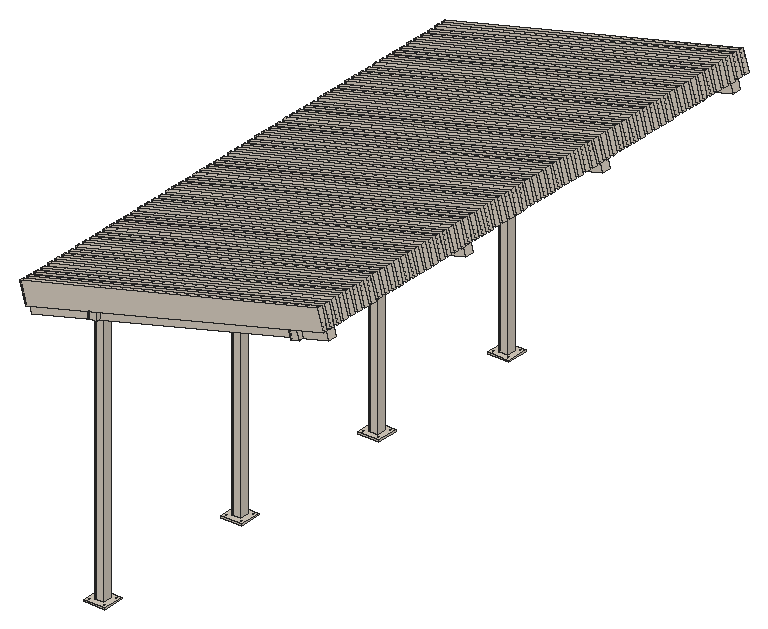
Revit family "Sun-Shades_ATEN_PalmSHIELD", category Generic Models, Revit 2021 (continued)
Definition of nested family "Family1"
  Nested families (in)
    nested 40: "Family2" at (-22.1236, 0, 0) x (-1, 0, 0) z (0, 0, 1), type "Up"
    nested 41: "Family2" at (-18.10112, 0, 0) x (-1, 0, 0) z (0, 0, 1), type "Up"
    nested 42: "Family2" at (-14.07865, 0, 0) x (-1, 0, 0) z (0, 0, 1), type "Up"
    nested 43: "Family2" at (-10.05618, 0, 0) x (-1, 0, 0) z (0, 0, 1), type "Up"
    nested 44: "Family2" at (-6.03371, 0, 0) x (-1, 0, 0) z (0, 0, 1), type "Up"
    nested 45: "Family2" at (-2.01124, 0, 0) x (-1, 0, 0) z (0, 0, 1), type "Up"
    nested 46: "Family2" at (2.01124, 0, 0) x (-1, 0, 0) z (0, 0, 1), type "Up"
    nested 47: "Family2" at (6.03371, 0, 0) x (-1, 0, 0) z (0, 0, 1), type "Up"
    nested 48: "Family2" at (10.05618, 0, 0) x (-1, 0, 0) z (0, 0, 1), type "Up"
    nested 49: "Family2" at (14.07865, 0, 0) x (-1, 0, 0) z (0, 0, 1), type "Up"
    nested 50: "Family2" at (18.10112, 0, 0) x (-1, 0, 0) z (0, 0, 1), type "Up"
    nested 51: "Family2" at (22.1236, 0, 0) x (-1, 0, 0) z (0, 0, 1), type "Up"
    nested 52: "Family2" at (26.14607, 0, 0) x (-1, 0, 0) z (0, 0, 1), type "Up"
    nested 53: "Family2" at (30.16854, 0, 0) x (-1, 0, 0) z (0, 0, 1), type "Up"
    nested 54: "Family2" at (34.19101, 0, 0) x (-1, 0, 0) z (0, 0, 1), type "Up"
    nested 55: "Family2" at (38.21348, 0, 0) x (-1, 0, 0) z (0, 0, 1), type "Up"
    nested 56: "Family2" at (42.23596, 0, 0) x (-1, 0, 0) z (0, 0, 1), type "Up"
    nested 57: "Family2" at (46.25843, 0, 0) x (-1, 0, 0) z (0, 0, 1), type "Up"
    nested 58: "Family2" at (50.2809, 0, 0) x (-1, 0, 0) z (0, 0, 1), type "Up"
    nested 59: "Family2" at (54.30337, 0, 0) x (-1, 0, 0) z (0, 0, 1), type "Up"
    nested 60: "Family2" at (58.32584, 0, 0) x (-1, 0, 0) z (0, 0, 1), type "Up"
    nested 61: "Family2" at (62.34831, 0, 0) x (-1, 0, 0) z (0, 0, 1), type "Up"
    nested 62: "Family2" at (66.37079, 0, 0) x (-1, 0, 0) z (0, 0, 1), type "Up"
    nested 63: "Family2" at (70.39326, 0, 0) x (-1, 0, 0) z (0, 0, 1), type "Up"
    nested 64: "Family2" at (74.41573, 0, 0) x (-1, 0, 0) z (0, 0, 1), type "Up"
    nested 65: "Family2" at (78.4382, 0, 0) x (-1, 0, 0) z (0, 0, 1), type "Up"
    nested 66: "Family2" at (82.46067, 0, 0) x (-1, 0, 0) z (0, 0, 1), type "Up"
    nested 67: "Family2" at (86.48315, 0, 0) x (-1, 0, 0) z (0, 0, 1), type "Up"
    nested 68: "Family2" at (90.50562, 0, 0) x (-1, 0, 0) z (0, 0, 1), type "Up"
    nested 69: "Family2" at (94.52809, 0, 0) x (-1, 0, 0) z (0, 0, 1), type "Up"
    nested 70: "Family2" at (98.55056, 0, 0) x (-1, 0, 0) z (0, 0, 1), type "Up"
    nested 71: "Family2" at (102.57303, 0, 0) x (-1, 0, 0) z (0, 0, 1), type "Up"
    nested 72: "Family2" at (106.59551, 0, 0) x (-1, 0, 0) z (0, 0, 1), type "Up"
    nested 73: "Family2" at (110.61798, 0, 0) x (-1, 0, 0) z (0, 0, 1), type "Up"
    nested 74: "Family2" at (114.64045, 0, 0) x (-1, 0, 0) z (0, 0, 1), type "Up"
    nested 75: "Family2" at (118.66292, 0, 0) x (-1, 0, 0) z (0, 0, 1), type "Up"
    nested 76: "Family2" at (122.68539, 0, 0) x (-1, 0, 0) z (0, 0, 1), type "Up"
    nested 77: "Family2" at (126.70787, 0, 0) x (-1, 0, 0) z (0, 0, 1), type "Up"
    nested 78: "Family2" at (130.73034, 0, 0) x (-1, 0, 0) z (0, 0, 1), type "Up"
    nested 79: "Family2" at (134.75281, 0, 0) x (-1, 0, 0) z (0, 0, 1), type "Up"
    nested 80: "Family2" at (138.77528, 0, 0) x (-1, 0, 0) z (0, 0, 1), type "Up"
    nested 81: "Family2" at (142.79775, 0, 0) x (-1, 0, 0) z (0, 0, 1), type "Up"
    nested 82: "Family2" at (146.82022, 0, 0) x (-1, 0, 0) z (0, 0, 1), type "Up"
    nested 83: "Family2" at (150.8427, 0, 0) x (-1, 0, 0) z (0, 0, 1), type "Up"
    nested 84: "Family2" at (154.86517, 0, 0) x (-1, 0, 0) z (0, 0, 1), type "Up"
    nested 85: "Family2" at (158.88764, 0, 0) x (-1, 0, 0) z (0, 0, 1), type "Up"
    nested 86: "Family2" at (162.91011, 0, 0) x (-1, 0, 0) z (0, 0, 1), type "Up"
    nested 87: "Family2" at (166.93258, 0, 0) x (-1, 0, 0) z (0, 0, 1), type "Up"
    nested 88: "Family2" at (170.95506, 0, 0) x (-1, 0, 0) z (0, 0, 1), type "Up"
    nested 89: "Family2" at (174.97753, 0, 0) x (-1, 0, 0) z (0, 0, 1), type "Up"
    nested 90: "Family2" at (179, 0, 0) x (-1, 0, 0) z (0, 0, 1), type "Up"
  Definition of nested family "Family2"
    Parameters (values of type "Up")
      Up = no
      Purlin Length = 10' - 0"
      Purlin Height = 0' - 2"
      Parlin Width = 0' - 2"
      Material = none
      Down = yes
      Default Elevation = 0' - 0"
    Reference planes (in)
      plane 1 "Center (Front/Back)": y = 0
      plane 2: z = 0
      plane 3 "Center (Left/Right)": x = 0
      plane 4: z = 2
      plane 5: x = -1
      plane 6: x = 1
      plane 7: z = -2
      plane 8: z = 1.875
      plane 9: z = -1.875
      plane 10: x = 0.875
      plane 11: x = -0.875
      plane 12: z = 0.125
      plane 13: z = -0.125
      plane 14: y = 120
      plane 15: y = 60
      plane 16: y = 0.125
      plane 17: y = 119.875
    Forms (in)
      Extrusion 1, solid, material <- "Material", visible <- "Up"
        sketch origin (0, 0, 0) x (1, 0, 0) y (0, 0, 1)
          loop
            line (1, 2) -> (-1, 2) -> (-1, 0) -> (1, 0) -> (1, 2)
          loop
            line (-0.875, 1.875) -> (-0.875, 0.125) -> (0.875, 0.125) -> (0.875, 1.875) -> (-0.875, 1.875)
        from -120 to 0
      Extrusion 2, solid, material <- "Material", visible <- "Down"
        sketch origin (0, 0, 0) x (1, 0, 0) y (0, 0, 1)
          loop
            line (-1, 0) -> (-1, -2) -> (1, -2) -> (1, 0) -> (-1, 0)
          loop
            line (0.875, -1.875) -> (0.875, -0.125) -> (-0.875, -0.125) -> (-0.875, -1.875) -> (0.875, -1.875)
        from 0 to -120
      Extrusion 3, solid, material <- "Material", visible <- "Up"
        sketch origin (0, 0, 0) x (1, 0, 0) y (0, 0, 1)
          loop
            line (-1, 2) -> (-1, 0) -> (1, 0) -> (1, 2) -> (-1, 2)
        from -0.125 to 0
      Extrusion 4, solid, material <- "Material", visible <- "Up"
        sketch origin (0, 0, 0) x (1, 0, 0) y (0, 0, 1)
          loop
            line (-1, 2) -> (-1, 0) -> (1, 0) -> (1, 2) -> (-1, 2)
        from -119.875 to -120
      Extrusion 5, solid, material <- "Material", visible <- "Down"
        sketch origin (0, 0, 0) x (1, 0, 0) y (0, 0, 1)
          loop
            line (-1, 0) -> (-1, -2) -> (1, -2) -> (1, 0) -> (-1, 0)
        from -0.125 to 0
      Extrusion 6, solid, material <- "Material", visible <- "Down"
        sketch origin (0, 0, 0) x (1, 0, 0) y (0, 0, 1)
          loop
            line (-1, 0) -> (-1, -2) -> (1, -2) -> (1, 0) -> (-1, 0)
        from -120 to -119.875
    Cuts and joins
      joined: Extrusion 1, Extrusion 3, Extrusion 4
      joined: Extrusion 2, Extrusion 5, Extrusion 6
    Dimensions and locks (in)
      "Purlin Height": plane 4 to level
      equal spacing: plane 6, plane 3 "Center (Left/Right)", plane 5
      "Parlin Width": plane 5 to plane 6
      "Purlin Height": plane 2 to plane 7
      locked: plane 4 to plane 8 at 0.125
      locked: plane 9 to plane 7 at 0.125
      locked: plane 11 to plane 5 at 0.125
      locked: plane 10 to plane 6 at 0.125
      locked: plane 12 to plane 2 at 0.125
      locked: plane 13 to plane 2 at 0.125
      "Purlin Length": plane 14 to plane 1 "Center (Front/Back)"
      equal spacing: plane 14, plane 15, plane 1 "Center (Front/Back)"
      locked: plane 1 "Center (Front/Back)" to plane 16 at 0.125
      locked: plane 17 to plane 14 at 0.125
      aligned and locked: plane 2 to level
      aligned and locked: Extrusion 1 sketch curve to plane 4
      aligned and locked: Extrusion 1 sketch curve to plane 5
      aligned and locked: plane 6 to Extrusion 1 sketch curve
      aligned and locked: Extrusion 1 sketch curve to level
      aligned and locked: Extrusion 1 sketch curve to plane 11
      aligned and locked: Extrusion 1 sketch curve to plane 8
      aligned and locked: plane 10 to Extrusion 1 sketch curve
      aligned and locked: Extrusion 1 sketch curve to plane 12
      aligned and locked: plane 1 "Center (Front/Back)" to Extrusion 1
      aligned and locked: plane 14 to Extrusion 1
      aligned and locked: Extrusion 2 sketch curve to level
      aligned and locked: Extrusion 2 sketch curve to plane 5
      aligned and locked: plane 6 to Extrusion 2 sketch curve
      aligned and locked: plane 7 to Extrusion 2 sketch curve
      aligned and locked: plane 9 to Extrusion 2 sketch curve
      aligned and locked: plane 10 to Extrusion 2 sketch curve
      aligned and locked: Extrusion 2 sketch curve to plane 11
      aligned and locked: plane 13 to Extrusion 2 sketch curve
      aligned and locked: plane 14 to Extrusion 2
      aligned and locked: plane 1 "Center (Front/Back)" to Extrusion 2
      aligned and locked: Extrusion 1 to plane 1 "Center (Front/Back)"  (x2)
      aligned and locked: Extrusion 1 to plane 14
      aligned and locked: Extrusion 3 sketch curve to Extrusion 1  (x4)
      aligned and locked: plane 1 "Center (Front/Back)" to Extrusion 3
      aligned and locked: plane 16 to Extrusion 3
      aligned and locked: Extrusion 4 sketch curve to Extrusion 1  (x4)
      aligned and locked: plane 14 to Extrusion 4
      aligned and locked: Extrusion 4 to plane 17
      aligned and locked: Extrusion 5 sketch curve to Extrusion 1  (x2)
      aligned and locked: Extrusion 5 sketch curve to Extrusion 2  (x2)
      aligned and locked: plane 1 "Center (Front/Back)" to Extrusion 5
      aligned and locked: plane 16 to Extrusion 5
      aligned and locked: Extrusion 6 sketch curve to Extrusion 1
      aligned and locked: Extrusion 6 sketch curve to Extrusion 2
      aligned and locked: plane 6 to Extrusion 6 sketch curve
      aligned and locked: plane 7 to Extrusion 6 sketch curve
      aligned and locked: plane 14 to Extrusion 6
      aligned and locked: Extrusion 6 to plane 17
Definition of nested family "Inset Beam Vertical"
  Parameters (values of type "Inset Beam Vertical")
    Vertical Purlin [instance] = (L / (Purlin Width + Purlin Spacing Desired))  # 32
    Purlin Width Half [instance] = Purlin Width / 2  # 0' - 1"
    Purlin Width = 0' - 2"
    Purlin Spacing Desired [instance] = 0' - 2"
    Purlin Spacing Calculated [instance] = (L - (Vertical Purlin * Purlin Width)) / (Vertical Purlin - 1)  # 0' - 2.00202"
    Purlin Length = 29' - 4"
    Purlin Height = 0' - 5"
    Number of inset beam vertical [instance] = 3
    Material = none
    L [instance] = 10' - 6 1/16"
    Default Elevation = 4' - 0"
    Center to Center [instance] = Purlin Width + Purlin Spacing Calculated  # 0' - 4.00202"
    Beam center to center [instance] = 0' - 4"
  Reference planes (in)
    plane 1 "Center (Front/Back)": y = 0
    plane 2: z = 0
    plane 3 "Center (Left/Right)": x = 0
    plane 4: y = -126.0625
    plane 5: x = 352
    plane 6: y = -1
    plane 7: y = -5.00202
    plane 8: through (0, 0, 4) normal (0, -0.9962, -0.0872)
    plane 9: through (0, -62.38812, 4.09062) normal (0, -0.9962, -0.0872)
    plane 10: through (0, -2.35788, 4.09062) normal (0, -0.9962, -0.0872)
    plane 11: through (0, -6.3599, 4.09062) normal (0, -0.9962, -0.0872)
    plane 12: through (0, -10.36192, 4.09062) normal (0, -0.9962, -0.0872)
    plane 13: through (0, -14.36393, 4.09062) normal (0, -0.9962, -0.0872)
    plane 14: through (0, -18.36595, 4.09062) normal (0, -0.9962, -0.0872)
    plane 15: through (0, -22.36796, 4.09062) normal (0, -0.9962, -0.0872)
    plane 16: through (0, -26.36998, 4.09062) normal (0, -0.9962, -0.0872)
    plane 17: through (0, -30.372, 4.09062) normal (0, -0.9962, -0.0872)
    plane 18: through (0, -34.37401, 4.09062) normal (0, -0.9962, -0.0872)
    plane 19: through (0, -38.37603, 4.09062) normal (0, -0.9962, -0.0872)
    plane 20: through (0, -42.37804, 4.09062) normal (0, -0.9962, -0.0872)
    plane 21: through (0, -46.38006, 4.09062) normal (0, -0.9962, -0.0872)
    plane 22: through (0, -50.38208, 4.09062) normal (0, -0.9962, -0.0872)
    plane 23: through (0, -54.38409, 4.09062) normal (0, -0.9962, -0.0872)
    plane 24: through (0, -58.38611, 4.09062) normal (0, -0.9962, -0.0872)
    plane 25: through (0, -66.39014, 4.09062) normal (0, -0.9962, -0.0872)
    plane 26: through (0, -70.39216, 4.09062) normal (0, -0.9962, -0.0872)
    plane 27: through (0, -74.39417, 4.09062) normal (0, -0.9962, -0.0872)
    plane 28: through (0, -78.39619, 4.09062) normal (0, -0.9962, -0.0872)
    plane 29: x = 41.08557
    plane 30: x = 45.08557
    plane 31: x = 43.08557
    plane 32: x = 356
    plane 33: through (0, -2.35788, 4.09062) normal (0, -0.9962, -0.0872)
    plane 34: through (0, -82.39821, 4.09062) normal (0, -0.9962, -0.0872)
    plane 35: through (0, -86.40022, 4.09062) normal (0, -0.9962, -0.0872)
    plane 36: through (0, -90.40224, 4.09062) normal (0, -0.9962, -0.0872)
    plane 37: through (0, -94.40425, 4.09062) normal (0, -0.9962, -0.0872)
    plane 38: through (0, -98.40627, 4.09062) normal (0, -0.9962, -0.0872)
    plane 39: through (0, -102.40829, 4.09062) normal (0, -0.9962, -0.0872)
    plane 40: through (0, -106.4103, 4.09062) normal (0, -0.9962, -0.0872)
    plane 41: through (0, -110.41232, 4.09062) normal (0, -0.9962, -0.0872)
    plane 42: through (0, -114.41433, 4.09062) normal (0, -0.9962, -0.0872)
    plane 43: through (0, -118.41635, 4.09062) normal (0, -0.9962, -0.0872)
    plane 44: through (0, -122.41837, 4.09062) normal (0, -0.9962, -0.0872)
    plane 45: through (0, -126.42038, 4.09062) normal (0, -0.9962, -0.0872)
  Forms (in)
    Extrusion 1, solid
      sketch origin (0, 0, 0) x (1, 0, 0) y (0, 1, 0)
        loop
          line (-48, 48) -> (-48, -48) -> (48, -48) -> (48, 48) -> (-48, 48)
      from 0 to -12
  Dimensions and locks (in)
    "Purlin Length": plane 3 "Center (Left/Right)" to plane 5
    "L": plane 4 to plane 1 "Center (Front/Back)"
    equal spacing: group 1, group 2, group 3, group 4, group 5, group 6, group 7, group 8, group 9, group 10, group 11, group 12, group 13, group 14, group 15, group 16, group 17, group 18, group 19, group 20, group 22, group 23, group 24, group 25, group 26, group 27, group 28, group 29, group 30, group 31, group 32, group 33  (x2)
    equal spacing: group 33, group 32, group 31, group 30, group 29, group 28, group 27, group 26, group 25, group 24, group 23, group 22, group 20, group 19, group 18, group 17, group 16, group 15, group 14, group 13, group 12, group 11, group 10, group 9, group 8, group 7, group 6, group 5, group 4, group 3, group 2, group 1
    "Purlin Width Half": plane 6 to plane 1 "Center (Front/Back)"
    "Center to Center": plane 7 to plane 6
    plane 29 to plane 31 to plane 30 = 0' - 2" locked, 0' - 2" locked
    "Beam center to center": plane 5 to plane 32
    aligned and locked: plane 2 to Extrusion 1
    aligned and locked: level to Extrusion 1
    aligned and locked: nested 1 to plane 3 "Center (Left/Right)"
    aligned and locked: plane 6 to nested 1
    aligned and locked: plane 7 to nested 2
  Automatic sketch dimensions
    Extrusion 1 sketch curve to Extrusion 1 sketch curve = 8' - 0"  (x2)
  Nested families (in)
    nested 1: "123" at (0, -1, 0) x (0, -1, 0) z (0, 0, 1), type "123"
    nested 2: "123" at (0, -5.00202, 0) x (0, -1, 0) z (0, 0, 1), type "123"
    nested 3: "123" at (0, -9.00403, 0) x (0, -1, 0) z (0, 0, 1), type "123"
    nested 4: "123" at (0, -13.00605, 0) x (0, -1, 0) z (0, 0, 1), type "123"
    nested 5: "123" at (0, -17.00806, 0) x (0, -1, 0) z (0, 0, 1), type "123"
    nested 6: "123" at (0, -21.01008, 0) x (0, -1, 0) z (0, 0, 1), type "123"
    nested 7: "123" at (0, -25.0121, 0) x (0, -1, 0) z (0, 0, 1), type "123"
    nested 8: "123" at (0, -29.01411, 0) x (0, -1, 0) z (0, 0, 1), type "123"
    nested 9: "123" at (0, -33.01613, 0) x (0, -1, 0) z (0, 0, 1), type "123"
    nested 10: "123" at (0, -37.01815, 0) x (0, -1, 0) z (0, 0, 1), type "123"
    nested 11: "123" at (0, -41.02016, 0) x (0, -1, 0) z (0, 0, 1), type "123"
    nested 12: "123" at (0, -45.02218, 0) x (0, -1, 0) z (0, 0, 1), type "123"
    nested 13: "123" at (0, -49.02419, 0) x (0, -1, 0) z (0, 0, 1), type "123"
    nested 14: "123" at (0, -53.02621, 0) x (0, -1, 0) z (0, 0, 1), type "123"
    nested 15: "123" at (0, -57.02823, 0) x (0, -1, 0) z (0, 0, 1), type "123"
    nested 16: "123" at (0, -61.03024, 0) x (0, -1, 0) z (0, 0, 1), type "123"
    nested 17: "123" at (0, -65.03226, 0) x (0, -1, 0) z (0, 0, 1), type "123"
    nested 18: "123" at (0, -69.03427, 0) x (0, -1, 0) z (0, 0, 1), type "123"
    nested 19: "123" at (0, -73.03629, 0) x (0, -1, 0) z (0, 0, 1), type "123"
    nested 20: "123" at (0, -77.03831, 0) x (0, -1, 0) z (0, 0, 1), type "123"
    nested 21: "123" at (0, -1, 0) x (0, -1, 0) z (0, 0, 1), type "123", not visible
    nested 22: "123" at (0, -81.04032, 0) x (0, -1, 0) z (0, 0, 1), type "123"
    nested 23: "123" at (0, -85.04234, 0) x (0, -1, 0) z (0, 0, 1), type "123"
    nested 24: "123" at (0, -89.04435, 0) x (0, -1, 0) z (0, 0, 1), type "123"
    nested 25: "123" at (0, -93.04637, 0) x (0, -1, 0) z (0, 0, 1), type "123"
    nested 26: "123" at (0, -97.04839, 0) x (0, -1, 0) z (0, 0, 1), type "123"
    nested 27: "123" at (0, -101.0504, 0) x (0, -1, 0) z (0, 0, 1), type "123"
    nested 28: "123" at (0, -105.05242, 0) x (0, -1, 0) z (0, 0, 1), type "123"
    nested 29: "123" at (0, -109.05444, 0) x (0, -1, 0) z (0, 0, 1), type "123"
    nested 30: "123" at (0, -113.05645, 0) x (0, -1, 0) z (0, 0, 1), type "123"
    nested 31: "123" at (0, -117.05847, 0) x (0, -1, 0) z (0, 0, 1), type "123"
    nested 32: "123" at (0, -121.06048, 0) x (0, -1, 0) z (0, 0, 1), type "123"
    nested 33: "123" at (0, -125.0625, 0) x (0, -1, 0) z (0, 0, 1), type "123"
  Definition of nested family "123"
    Parameters (values of type "123")
      Purlin Width = 0' - 2"
      Purlin Length = 8' - 0"
      Purlin Height = 0' - 4"
      Material = none
      Default Elevation = 4' - 0"
    Reference planes (in)
      plane 1 "Center (Front/Back)": y = 0
      plane 2: z = 0
      plane 3 "Center (Left/Right)": x = 0
      plane 4: x = -1
      plane 5: x = 1
      plane 6: y = 96
      plane 7: y = 0
      plane 8: x = -0.875
      plane 9: x = 0.875
      plane 10: z = 0.125
      plane 11: z = 3.875
      plane 12: z = 4
      plane 13: y = 0.125
      plane 14: y = 95.875
      plane 15: through (-1, -180, 4) normal (0.9962, 0, -0.0872)
    Forms (in)
      Extrusion 1, solid
        sketch origin (0, 0, 0) x (1, 0, 0) y (0, 1, 0)
          loop
            line (-48, 48) -> (-48, -48) -> (48, -48) -> (48, 48) -> (-48, 48)
        from 0 to -12
      Extrusion 2, solid, material <- "Material"
        sketch origin (0, 0, 0) x (1, 0, 0) y (0, 0, 1)
          loop
            line (-1, 4) -> (-1, 0) -> (1, 0) -> (1, 4) -> (-1, 4)
          loop
            line (-0.875, 0.125) -> (0.875, 0.125) -> (0.875, 3.875) -> (-0.875, 3.875) -> (-0.875, 0.125)
        from -96 to 0
      Extrusion 3, solid, material <- "Material"
        sketch origin (0, 0, 0) x (1, 0, 0) y (0, 0, 1)
          loop
            line (-1, 4) -> (-1, 0) -> (1, 0) -> (1, 4) -> (-1, 4)
        from -0.125 to 0
      Extrusion 4, solid, material <- "Material"
        sketch origin (0, 0, 0) x (1, 0, 0) y (0, 0, 1)
          loop
            line (-1, 4) -> (-1, 0) -> (1, 0) -> (1, 4) -> (-1, 4)
        from -96 to -95.875
    Cuts and joins
      joined: Extrusion 2, Extrusion 3, Extrusion 4
    Dimensions and locks (in)
      equal spacing: plane 4, plane 3 "Center (Left/Right)", plane 5
      "Purlin Width": plane 4 to plane 5
      "Purlin Length": plane 6 to plane 7
      locked: plane 4 to plane 8 at 0.125
      locked: plane 9 to plane 5 at 0.125
      locked: plane 12 to plane 11 at 0.125
      locked: plane 10 to level at 0.125
      "Purlin Height": plane 12 to plane 2
      locked: plane 13 to plane 7 at 0.125
      locked: plane 6 to plane 14 at 0.125
      aligned and locked: plane 2 to Extrusion 1
      aligned and locked: level to Extrusion 1
      aligned and locked: Extrusion 2 sketch curve to plane 4
      aligned and locked: Extrusion 2 sketch curve to plane 5
      aligned and locked: Extrusion 2 sketch curve to plane 12
      aligned and locked: Extrusion 1 to Extrusion 2 sketch curve
      aligned and locked: Extrusion 2 sketch curve to plane 10
      aligned and locked: Extrusion 2 sketch curve to plane 11
      aligned and locked: plane 9 to Extrusion 2 sketch curve
      aligned and locked: Extrusion 2 sketch curve to plane 8
      aligned and locked: plane 6 to Extrusion 2
      aligned and locked: Extrusion 2 to plane 7
      aligned and locked: Extrusion 3 sketch curve to plane 4
      aligned and locked: Extrusion 3 sketch curve to plane 5
      aligned and locked: Extrusion 3 sketch curve to plane 12
      aligned and locked: Extrusion 3 sketch curve to plane 2
      aligned and locked: plane 13 to Extrusion 3
      aligned and locked: Extrusion 3 to plane 7
      aligned and locked: Extrusion 4 sketch curve to plane 4
      aligned and locked: Extrusion 4 sketch curve to plane 5
      aligned and locked: Extrusion 4 sketch curve to plane 12
      aligned and locked: Extrusion 4 sketch curve to plane 2
      aligned and locked: plane 6 to Extrusion 4
      aligned and locked: Extrusion 4 to plane 14
      aligned and locked: plane 7 to plane 1 "Center (Front/Back)"
    Automatic sketch dimensions
      Extrusion 1 sketch curve to Extrusion 1 sketch curve = 8' - 0"  (x2)
Definition of nested family "Family7"
  Parameters (values of type "Inset to Beams_Horizontal")
    Vertical Purlin [instance] = (L / (Purlin Width + Purlin Spacing Desired))  # 88
    Purlin Width Half = Purlin Width / 2  # 0' - 1"
    Purlin Width = 0' - 2"
    Purlin Spacing Desired [instance] = 0' - 2"
    Purlin Spacing Calculated [instance] = (L - (Vertical Purlin * Purlin Width)) / (Vertical Purlin - 1)  # 0' - 2.02299"
    Purlin Length = 10' - 7 31/32"
    Purlin Height = 0' - 5"
    Material = none
    L = 29' - 4"
    Default Elevation = 4' - 0"
    Center to Center [instance] = Purlin Width + Purlin Spacing Calculated  # 0' - 4.02299"
  Reference planes (in)
    plane 1 "Center (Front/Back)": y = 0
    plane 2: z = 0
    plane 3 "Center (Left/Right)": x = 0
    plane 4: y = -352
    plane 5: x = 127.96875
    plane 6: y = -1
    plane 7: y = -5.02299
    plane 8: through (0, 0, 4) normal (0, -0.9962, -0.0872)
    plane 9: through (0, -62.70271, 4.09062) normal (0, -0.9962, -0.0872)
    plane 10: through (0, -2.35788, 4.09062) normal (0, -0.9962, -0.0872)
    plane 11: through (0, -6.38087, 4.09062) normal (0, -0.9962, -0.0872)
    plane 12: through (0, -10.40386, 4.09062) normal (0, -0.9962, -0.0872)
    plane 13: through (0, -14.42685, 4.09062) normal (0, -0.9962, -0.0872)
    plane 14: through (0, -18.44984, 4.09062) normal (0, -0.9962, -0.0872)
    plane 15: through (0, -22.47283, 4.09062) normal (0, -0.9962, -0.0872)
    plane 16: through (0, -26.49581, 4.09062) normal (0, -0.9962, -0.0872)
    plane 17: through (0, -30.5188, 4.09062) normal (0, -0.9962, -0.0872)
    plane 18: through (0, -34.54179, 4.09062) normal (0, -0.9962, -0.0872)
    plane 19: through (0, -38.56478, 4.09062) normal (0, -0.9962, -0.0872)
    plane 20: through (0, -42.58777, 4.09062) normal (0, -0.9962, -0.0872)
    plane 21: through (0, -46.61076, 4.09062) normal (0, -0.9962, -0.0872)
    plane 22: through (0, -50.63375, 4.09062) normal (0, -0.9962, -0.0872)
    plane 23: through (0, -54.65673, 4.09062) normal (0, -0.9962, -0.0872)
    plane 24: through (0, -58.67972, 4.09062) normal (0, -0.9962, -0.0872)
    plane 25: through (0, -66.7257, 4.09062) normal (0, -0.9962, -0.0872)
    plane 26: through (0, -70.74869, 4.09062) normal (0, -0.9962, -0.0872)
    plane 27: through (0, -74.77168, 4.09062) normal (0, -0.9962, -0.0872)
    plane 28: through (0, -78.79466, 4.09062) normal (0, -0.9962, -0.0872)
    plane 29: through (0, -82.81765, 4.09062) normal (0, -0.9962, -0.0872)
    plane 30: through (0, -86.84064, 4.09062) normal (0, -0.9962, -0.0872)
    plane 31: through (0, -90.86363, 4.09062) normal (0, -0.9962, -0.0872)
    plane 32: through (0, -94.88662, 4.09062) normal (0, -0.9962, -0.0872)
    plane 33: through (0, -98.90961, 4.09062) normal (0, -0.9962, -0.0872)
    plane 34: through (0, -102.9326, 4.09062) normal (0, -0.9962, -0.0872)
    plane 35: through (0, -106.95558, 4.09062) normal (0, -0.9962, -0.0872)
    plane 36: through (0, -110.97857, 4.09062) normal (0, -0.9962, -0.0872)
    plane 37: through (0, -115.00156, 4.09062) normal (0, -0.9962, -0.0872)
    plane 38: through (0, -119.02455, 4.09062) normal (0, -0.9962, -0.0872)
    plane 39: through (0, -123.04754, 4.09062) normal (0, -0.9962, -0.0872)
    plane 40: through (0, -127.07053, 4.09062) normal (0, -0.9962, -0.0872)
    plane 41: through (0, -131.09352, 4.09062) normal (0, -0.9962, -0.0872)
    plane 42: through (0, -135.1165, 4.09062) normal (0, -0.9962, -0.0872)
    plane 43: through (0, -139.13949, 4.09062) normal (0, -0.9962, -0.0872)
    plane 44: through (0, -143.16248, 4.09062) normal (0, -0.9962, -0.0872)
    plane 45: through (-1.09583, -180, 16.52538) normal (0.9962, 0, 0.0872)
    plane 46: through (0, -147.18547, 4.09062) normal (0, -0.9962, -0.0872)
    plane 47: through (0, -151.20846, 4.09062) normal (0, -0.9962, -0.0872)
    plane 48: through (0, -155.23145, 4.09062) normal (0, -0.9962, -0.0872)
    plane 49: through (0, -159.25443, 4.09062) normal (0, -0.9962, -0.0872)
    plane 50: through (0, -163.27742, 4.09062) normal (0, -0.9962, -0.0872)
    plane 51: through (0, -167.30041, 4.09062) normal (0, -0.9962, -0.0872)
    plane 52: through (0, -171.3234, 4.09062) normal (0, -0.9962, -0.0872)
    plane 53: through (0, -175.34639, 4.09062) normal (0, -0.9962, -0.0872)
    plane 54: through (0, -179.36938, 4.09062) normal (0, -0.9962, -0.0872)
    plane 55: through (0, -183.39237, 4.09062) normal (0, -0.9962, -0.0872)
    plane 56: through (0, -187.41535, 4.09062) normal (0, -0.9962, -0.0872)
    plane 57: through (0, -191.43834, 4.09062) normal (0, -0.9962, -0.0872)
    plane 58: through (0, -195.46133, 4.09062) normal (0, -0.9962, -0.0872)
    plane 59: through (0, -199.48432, 4.09062) normal (0, -0.9962, -0.0872)
    plane 60: through (0, -203.50731, 4.09062) normal (0, -0.9962, -0.0872)
    plane 61: through (0, -207.5303, 4.09062) normal (0, -0.9962, -0.0872)
    plane 62: through (0, -211.55329, 4.09062) normal (0, -0.9962, -0.0872)
    plane 63: through (0, -215.57627, 4.09062) normal (0, -0.9962, -0.0872)
    plane 64: through (0, -219.59926, 4.09062) normal (0, -0.9962, -0.0872)
    plane 65: through (0, -223.62225, 4.09062) normal (0, -0.9962, -0.0872)
    plane 66: through (0, -227.64524, 4.09062) normal (0, -0.9962, -0.0872)
    plane 67: through (0, -231.66823, 4.09062) normal (0, -0.9962, -0.0872)
    plane 68: through (0, -235.69122, 4.09062) normal (0, -0.9962, -0.0872)
    plane 69: through (0, -239.7142, 4.09062) normal (0, -0.9962, -0.0872)
    plane 70: through (0, -243.73719, 4.09062) normal (0, -0.9962, -0.0872)
    plane 71: through (0, -247.76018, 4.09062) normal (0, -0.9962, -0.0872)
    plane 72: through (0, -251.78317, 4.09062) normal (0, -0.9962, -0.0872)
    plane 73: through (0, -255.80616, 4.09062) normal (0, -0.9962, -0.0872)
    plane 74: through (0, -259.82915, 4.09062) normal (0, -0.9962, -0.0872)
    plane 75: through (0, -263.85214, 4.09062) normal (0, -0.9962, -0.0872)
    plane 76: through (0, -267.87512, 4.09062) normal (0, -0.9962, -0.0872)
    plane 77: through (0, -271.89811, 4.09062) normal (0, -0.9962, -0.0872)
    plane 78: through (0, -275.9211, 4.09062) normal (0, -0.9962, -0.0872)
    plane 79: through (0, -279.94409, 4.09062) normal (0, -0.9962, -0.0872)
    plane 80: through (0, -283.96708, 4.09062) normal (0, -0.9962, -0.0872)
    plane 81: through (0, -287.99007, 4.09062) normal (0, -0.9962, -0.0872)
    plane 82: through (0, -292.01306, 4.09062) normal (0, -0.9962, -0.0872)
    plane 83: through (0, -296.03604, 4.09062) normal (0, -0.9962, -0.0872)
    plane 84: through (0, -300.05903, 4.09062) normal (0, -0.9962, -0.0872)
    plane 85: through (0, -304.08202, 4.09062) normal (0, -0.9962, -0.0872)
    plane 86: through (0, -308.10501, 4.09062) normal (0, -0.9962, -0.0872)
    plane 87: through (0, -312.128, 4.09062) normal (0, -0.9962, -0.0872)
    plane 88: through (0, -316.15099, 4.09062) normal (0, -0.9962, -0.0872)
    plane 89: through (0, -320.17397, 4.09062) normal (0, -0.9962, -0.0872)
    plane 90: through (0, -324.19696, 4.09062) normal (0, -0.9962, -0.0872)
    plane 91: through (0, -328.21995, 4.09062) normal (0, -0.9962, -0.0872)
    plane 92: through (0, -332.24294, 4.09062) normal (0, -0.9962, -0.0872)
    plane 93: through (0, -336.26593, 4.09062) normal (0, -0.9962, -0.0872)
    plane 94: through (0, -340.28892, 4.09062) normal (0, -0.9962, -0.0872)
    plane 95: through (0, -344.31191, 4.09062) normal (0, -0.9962, -0.0872)
    plane 96: through (0, -348.33489, 4.09062) normal (0, -0.9962, -0.0872)
    plane 97: through (0, -352.35788, 4.09062) normal (0, -0.9962, -0.0872)
  Forms (in)
    Extrusion 1, solid
      sketch origin (0, 0, 0) x (1, 0, 0) y (0, 1, 0)
        loop
          line (-48, 48) -> (-48, -48) -> (48, -48) -> (48, 48) -> (-48, 48)
      from 0 to -12
  Dimensions and locks (in)
    "Purlin Length": plane 3 "Center (Left/Right)" to plane 5
    "L": plane 4 to plane 1 "Center (Front/Back)"
    equal spacing: group 1, group 2, group 3, group 4, group 5, group 6, group 7, group 8, group 9, group 10, group 11, group 12, group 13, group 14, group 15, group 16, group 17, group 18, group 19, group 20, group 21, group 22, group 23, group 24, group 25, group 26, group 27, group 28, group 29, group 30, group 31, group 32, group 33, group 34, group 35, group 36, group 37, group 38, group 39, group 40, group 41, group 42, group 43, group 44, group 45, group 46, group 47, group 48, group 49, group 50, group 51, group 52, group 53, group 54, group 55, group 56, group 57, group 58, group 59, group 60, group 61, group 62, group 63, group 64, group 65, group 66, group 67, group 68, group 69, group 70, group 71, group 72, group 73, group 74, group 75, group 76, group 77, group 78, group 79, group 80, group 81, group 82, group 83, group 84, group 85, group 86, group 87, group 88  (x2)
    equal spacing: group 88, group 87, group 86, group 85, group 84, group 83, group 82, group 81, group 80, group 79, group 78, group 77, group 76, group 75, group 74, group 73, group 72, group 71, group 70, group 69, group 68, group 67, group 66, group 65, group 64, group 63, group 62, group 61, group 60, group 59, group 58, group 57, group 56, group 55, group 54, group 53, group 52, group 51, group 50, group 49, group 48, group 47, group 46, group 45, group 44, group 43, group 42, group 41, group 40, group 39, group 38, group 37, group 36, group 35, group 34, group 33, group 32, group 31, group 30, group 29, group 28, group 27, group 26, group 25, group 24, group 23, group 22, group 21, group 20, group 19, group 18, group 17, group 16, group 15, group 14, group 13, group 12, group 11, group 10, group 9, group 8, group 7, group 6, group 5, group 4, group 3, group 2, group 1
    "Purlin Width Half": plane 6 to plane 1 "Center (Front/Back)"
    "Center to Center": plane 7 to plane 6
    aligned and locked: plane 2 to Extrusion 1
    aligned and locked: level to Extrusion 1
    aligned and locked: nested 1 to plane 1 "Center (Front/Back)"
    aligned and locked: nested 1 to plane 3 "Center (Left/Right)"
    aligned and locked: plane 6 to nested 1
    aligned and locked: plane 7 to nested 2
    aligned and locked: plane 8 to nested 1
    aligned and locked: plane 9 to nested 16
  Automatic sketch dimensions
    Extrusion 1 sketch curve to Extrusion 1 sketch curve = 8' - 0"  (x2)
  Nested families (in)
    nested 1: "123" at (0, -1, 0) x (0, -1, 0) z (0, 0, 1), type "123"
    nested 2: "123" at (0, -5.02299, 0) x (0, -1, 0) z (0, 0, 1), type "123"
    nested 3: "123" at (0, -9.04598, 0) x (0, -1, 0) z (0, 0, 1), type "123"
    nested 4: "123" at (0, -13.06897, 0) x (0, -1, 0) z (0, 0, 1), type "123"
    nested 5: "123" at (0, -17.09195, 0) x (0, -1, 0) z (0, 0, 1), type "123"
    nested 6: "123" at (0, -21.11494, 0) x (0, -1, 0) z (0, 0, 1), type "123"
    nested 7: "123" at (0, -25.13793, 0) x (0, -1, 0) z (0, 0, 1), type "123"
    nested 8: "123" at (0, -29.16092, 0) x (0, -1, 0) z (0, 0, 1), type "123"
    nested 9: "123" at (0, -33.18391, 0) x (0, -1, 0) z (0, 0, 1), type "123"
    nested 10: "123" at (0, -37.2069, 0) x (0, -1, 0) z (0, 0, 1), type "123"
    nested 11: "123" at (0, -41.22989, 0) x (0, -1, 0) z (0, 0, 1), type "123"
    nested 12: "123" at (0, -45.25287, 0) x (0, -1, 0) z (0, 0, 1), type "123"
    nested 13: "123" at (0, -49.27586, 0) x (0, -1, 0) z (0, 0, 1), type "123"
    nested 14: "123" at (0, -53.29885, 0) x (0, -1, 0) z (0, 0, 1), type "123"
    nested 15: "123" at (0, -57.32184, 0) x (0, -1, 0) z (0, 0, 1), type "123"
    nested 16: "123" at (0, -61.34483, 0) x (0, -1, 0) z (0, 0, 1), type "123"
    nested 17: "123" at (0, -65.36782, 0) x (0, -1, 0) z (0, 0, 1), type "123"
    nested 18: "123" at (0, -69.3908, 0) x (0, -1, 0) z (0, 0, 1), type "123"
    nested 19: "123" at (0, -73.41379, 0) x (0, -1, 0) z (0, 0, 1), type "123"
    nested 20: "123" at (0, -77.43678, 0) x (0, -1, 0) z (0, 0, 1), type "123"
    nested 21: "123" at (0, -81.45977, 0) x (0, -1, 0) z (0, 0, 1), type "123"
    nested 22: "123" at (0, -85.48276, 0) x (0, -1, 0) z (0, 0, 1), type "123"
    nested 23: "123" at (0, -89.50575, 0) x (0, -1, 0) z (0, 0, 1), type "123"
    nested 24: "123" at (0, -93.52874, 0) x (0, -1, 0) z (0, 0, 1), type "123"
    nested 25: "123" at (0, -97.55172, 0) x (0, -1, 0) z (0, 0, 1), type "123"
    nested 26: "123" at (0, -101.57471, 0) x (0, -1, 0) z (0, 0, 1), type "123"
    nested 27: "123" at (0, -105.5977, 0) x (0, -1, 0) z (0, 0, 1), type "123"
    nested 28: "123" at (0, -109.62069, 0) x (0, -1, 0) z (0, 0, 1), type "123"
    nested 29: "123" at (0, -113.64368, 0) x (0, -1, 0) z (0, 0, 1), type "123"
    nested 30: "123" at (0, -117.66667, 0) x (0, -1, 0) z (0, 0, 1), type "123"
    nested 31: "123" at (0, -121.68966, 0) x (0, -1, 0) z (0, 0, 1), type "123"
    nested 32: "123" at (0, -125.71264, 0) x (0, -1, 0) z (0, 0, 1), type "123"
    nested 33: "123" at (0, -129.73563, 0) x (0, -1, 0) z (0, 0, 1), type "123"
    nested 34: "123" at (0, -133.75862, 0) x (0, -1, 0) z (0, 0, 1), type "123"
    nested 35: "123" at (0, -137.78161, 0) x (0, -1, 0) z (0, 0, 1), type "123"
    nested 36: "123" at (0, -141.8046, 0) x (0, -1, 0) z (0, 0, 1), type "123"
    nested 37: "123" at (0, -145.82759, 0) x (0, -1, 0) z (0, 0, 1), type "123"
    nested 38: "123" at (0, -149.85057, 0) x (0, -1, 0) z (0, 0, 1), type "123"
    nested 39: "123" at (0, -153.87356, 0) x (0, -1, 0) z (0, 0, 1), type "123"
    nested 40: "123" at (0, -157.89655, 0) x (0, -1, 0) z (0, 0, 1), type "123"
    nested 41: "123" at (0, -161.91954, 0) x (0, -1, 0) z (0, 0, 1), type "123"
    nested 42: "123" at (0, -165.94253, 0) x (0, -1, 0) z (0, 0, 1), type "123"
    nested 43: "123" at (0, -169.96552, 0) x (0, -1, 0) z (0, 0, 1), type "123"
    nested 44: "123" at (0, -173.98851, 0) x (0, -1, 0) z (0, 0, 1), type "123"
    nested 45: "123" at (0, -178.01149, 0) x (0, -1, 0) z (0, 0, 1), type "123"
    nested 46: "123" at (0, -182.03448, 0) x (0, -1, 0) z (0, 0, 1), type "123"
    nested 47: "123" at (0, -186.05747, 0) x (0, -1, 0) z (0, 0, 1), type "123"
    nested 48: "123" at (0, -190.08046, 0) x (0, -1, 0) z (0, 0, 1), type "123"
    nested 49: "123" at (0, -194.10345, 0) x (0, -1, 0) z (0, 0, 1), type "123"
    nested 50: "123" at (0, -198.12644, 0) x (0, -1, 0) z (0, 0, 1), type "123"
    nested 51: "123" at (0, -202.14943, 0) x (0, -1, 0) z (0, 0, 1), type "123"
    nested 52: "123" at (0, -206.17241, 0) x (0, -1, 0) z (0, 0, 1), type "123"
    nested 53: "123" at (0, -210.1954, 0) x (0, -1, 0) z (0, 0, 1), type "123"
    nested 54: "123" at (0, -214.21839, 0) x (0, -1, 0) z (0, 0, 1), type "123"
    nested 55: "123" at (0, -218.24138, 0) x (0, -1, 0) z (0, 0, 1), type "123"
    nested 56: "123" at (0, -222.26437, 0) x (0, -1, 0) z (0, 0, 1), type "123"
    nested 57: "123" at (0, -226.28736, 0) x (0, -1, 0) z (0, 0, 1), type "123"
    nested 58: "123" at (0, -230.31034, 0) x (0, -1, 0) z (0, 0, 1), type "123"
    nested 59: "123" at (0, -234.33333, 0) x (0, -1, 0) z (0, 0, 1), type "123"
    nested 60: "123" at (0, -238.35632, 0) x (0, -1, 0) z (0, 0, 1), type "123"
    nested 61: "123" at (0, -242.37931, 0) x (0, -1, 0) z (0, 0, 1), type "123"
    nested 62: "123" at (0, -246.4023, 0) x (0, -1, 0) z (0, 0, 1), type "123"
    nested 63: "123" at (0, -250.42529, 0) x (0, -1, 0) z (0, 0, 1), type "123"
    nested 64: "123" at (0, -254.44828, 0) x (0, -1, 0) z (0, 0, 1), type "123"
    nested 65: "123" at (0, -258.47126, 0) x (0, -1, 0) z (0, 0, 1), type "123"
    nested 66: "123" at (0, -262.49425, 0) x (0, -1, 0) z (0, 0, 1), type "123"
    nested 67: "123" at (0, -266.51724, 0) x (0, -1, 0) z (0, 0, 1), type "123"
    nested 68: "123" at (0, -270.54023, 0) x (0, -1, 0) z (0, 0, 1), type "123"
    nested 69: "123" at (0, -274.56322, 0) x (0, -1, 0) z (0, 0, 1), type "123"
    nested 70: "123" at (0, -278.58621, 0) x (0, -1, 0) z (0, 0, 1), type "123"
    nested 71: "123" at (0, -282.6092, 0) x (0, -1, 0) z (0, 0, 1), type "123"
    nested 72: "123" at (0, -286.63218, 0) x (0, -1, 0) z (0, 0, 1), type "123"
    nested 73: "123" at (0, -290.65517, 0) x (0, -1, 0) z (0, 0, 1), type "123"
    nested 74: "123" at (0, -294.67816, 0) x (0, -1, 0) z (0, 0, 1), type "123"
    nested 75: "123" at (0, -298.70115, 0) x (0, -1, 0) z (0, 0, 1), type "123"
    nested 76: "123" at (0, -302.72414, 0) x (0, -1, 0) z (0, 0, 1), type "123"
    nested 77: "123" at (0, -306.74713, 0) x (0, -1, 0) z (0, 0, 1), type "123"
    nested 78: "123" at (0, -310.77011, 0) x (0, -1, 0) z (0, 0, 1), type "123"
    nested 79: "123" at (0, -314.7931, 0) x (0, -1, 0) z (0, 0, 1), type "123"
    nested 80: "123" at (0, -318.81609, 0) x (0, -1, 0) z (0, 0, 1), type "123"
    nested 81: "123" at (0, -322.83908, 0) x (0, -1, 0) z (0, 0, 1), type "123"
    nested 82: "123" at (0, -326.86207, 0) x (0, -1, 0) z (0, 0, 1), type "123"
    nested 83: "123" at (0, -330.88506, 0) x (0, -1, 0) z (0, 0, 1), type "123"
    nested 84: "123" at (0, -334.90805, 0) x (0, -1, 0) z (0, 0, 1), type "123"
    nested 85: "123" at (0, -338.93103, 0) x (0, -1, 0) z (0, 0, 1), type "123"
    nested 86: "123" at (0, -342.95402, 0) x (0, -1, 0) z (0, 0, 1), type "123"
    nested 87: "123" at (0, -346.97701, 0) x (0, -1, 0) z (0, 0, 1), type "123"
    nested 88: "123" at (0, -351, 0) x (0, -1, 0) z (0, 0, 1), type "123"
  Definition of nested family "123"
    Parameters (values of type "123")
      Purlin Width = 0' - 2"
      Purlin Length = 8' - 0"
      Purlin Height = 0' - 4"
      Material = none
      Default Elevation = 4' - 0"
    Reference planes (in)
      plane 1 "Center (Front/Back)": y = 0
      plane 2: z = 0
      plane 3 "Center (Left/Right)": x = 0
      plane 4: x = -1
      plane 5: x = 1
      plane 6: y = 96
      plane 7: y = 0
      plane 8: x = -0.875
      plane 9: x = 0.875
      plane 10: z = 0.125
      plane 11: z = 3.875
      plane 12: z = 4
      plane 13: y = 0.125
      plane 14: y = 95.875
      plane 15: through (-1, -180, 4) normal (0.9962, 0, -0.0872)
    Forms (in)
      Extrusion 1, solid
        sketch origin (0, 0, 0) x (1, 0, 0) y (0, 1, 0)
          loop
            line (-48, 48) -> (-48, -48) -> (48, -48) -> (48, 48) -> (-48, 48)
        from 0 to -12
      Extrusion 2, solid, material <- "Material"
        sketch origin (0, 0, 0) x (1, 0, 0) y (0, 0, 1)
          loop
            line (-1, 4) -> (-1, 0) -> (1, 0) -> (1, 4) -> (-1, 4)
          loop
            line (-0.875, 0.125) -> (0.875, 0.125) -> (0.875, 3.875) -> (-0.875, 3.875) -> (-0.875, 0.125)
        from -96 to 0
      Extrusion 3, solid, material <- "Material"
        sketch origin (0, 0, 0) x (1, 0, 0) y (0, 0, 1)
          loop
            line (-1, 4) -> (-1, 0) -> (1, 0) -> (1, 4) -> (-1, 4)
        from -0.125 to 0
      Extrusion 4, solid, material <- "Material"
        sketch origin (0, 0, 0) x (1, 0, 0) y (0, 0, 1)
          loop
            line (-1, 4) -> (-1, 0) -> (1, 0) -> (1, 4) -> (-1, 4)
        from -96 to -95.875
    Cuts and joins
      joined: Extrusion 2, Extrusion 3, Extrusion 4
    Dimensions and locks (in)
      equal spacing: plane 4, plane 3 "Center (Left/Right)", plane 5
      "Purlin Width": plane 4 to plane 5
      "Purlin Length": plane 6 to plane 7
      locked: plane 4 to plane 8 at 0.125
      locked: plane 9 to plane 5 at 0.125
      locked: plane 12 to plane 11 at 0.125
      locked: plane 10 to level at 0.125
      "Purlin Height": plane 12 to plane 2
      locked: plane 13 to plane 7 at 0.125
      locked: plane 6 to plane 14 at 0.125
      aligned and locked: plane 2 to Extrusion 1
      aligned and locked: level to Extrusion 1
      aligned and locked: Extrusion 2 sketch curve to plane 4
      aligned and locked: Extrusion 2 sketch curve to plane 5
      aligned and locked: Extrusion 2 sketch curve to plane 12
      aligned and locked: Extrusion 1 to Extrusion 2 sketch curve
      aligned and locked: Extrusion 2 sketch curve to plane 10
      aligned and locked: Extrusion 2 sketch curve to plane 11
      aligned and locked: plane 9 to Extrusion 2 sketch curve
      aligned and locked: Extrusion 2 sketch curve to plane 8
      aligned and locked: plane 6 to Extrusion 2
      aligned and locked: Extrusion 2 to plane 7
      aligned and locked: Extrusion 3 sketch curve to plane 4
      aligned and locked: Extrusion 3 sketch curve to plane 5
      aligned and locked: Extrusion 3 sketch curve to plane 12
      aligned and locked: Extrusion 3 sketch curve to plane 2
      aligned and locked: plane 13 to Extrusion 3
      aligned and locked: Extrusion 3 to plane 7
      aligned and locked: Extrusion 4 sketch curve to plane 4
      aligned and locked: Extrusion 4 sketch curve to plane 5
      aligned and locked: Extrusion 4 sketch curve to plane 12
      aligned and locked: Extrusion 4 sketch curve to plane 2
      aligned and locked: plane 6 to Extrusion 4
      aligned and locked: Extrusion 4 to plane 14
      aligned and locked: plane 7 to plane 1 "Center (Front/Back)"
    Automatic sketch dimensions
      Extrusion 1 sketch curve to Extrusion 1 sketch curve = 8' - 0"  (x2)
Definition of nested family "RECT.TUBE PURLINS"
  Parameters (values of type "RECT.TUBE PURLINS")
    W = 0' - 2"
    Material = none
    L = 15' - 0"
    H = 0' - 3"
    Default Elevation = 4' - 0"
  Reference planes (in)
    plane 1 "Center (Front/Back)": y = 0
    plane 2: z = 0
    plane 3 "Center (Left/Right)": x = 0
    plane 4: z = 0.125
    plane 5: z = 2.875
    plane 6: z = 3
    plane 7: x = -1
    plane 8: x = 1
    plane 9: x = -0.875
    plane 10: x = 0.875
    plane 11: y = -180
    plane 12: y = -0.125
    plane 13: y = -179.875
  Forms (in)
    Extrusion 1, solid
      sketch origin (0, 0, 0) x (1, 0, 0) y (0, 1, 0)
        loop
          line (-48, 48) -> (-48, -48) -> (48, -48) -> (48, 48) -> (-48, 48)
      from 0 to -12
    Sweep 2, solid, material <- "Material"
      path origin (0, 0, 0) x (0, 1, 0) y (0, 0, 1)
        loop
          line (0, 0) -> (-180, 0)
      profile origin (0, -90, 0) x (0, 0, -1) y (1, 0, 0)
        loop
          line (-3, -1) -> (0, -1) -> (0, 1) -> (-3, 1) -> (-3, -1)
        loop
          line (-0.125, -0.875) -> (-0.125, 0.875) -> (-2.875, 0.875) -> (-2.875, -0.875) -> (-0.125, -0.875)
    Extrusion 3, solid, material <- "Material"
      sketch origin (0, 0, 0) x (1, 0, 0) y (0, 0, 1)
        loop
          line (-0.875, 2.875) -> (-0.875, 0.125) -> (0.875, 0.125) -> (0.875, 2.875) -> (-0.875, 2.875)
      from 0 to 0.125
    Extrusion 4, solid, material <- "Material"
      sketch origin (0, 0, 0) x (1, 0, 0) y (0, 0, 1)
        loop
          line (-0.875, 2.875) -> (-0.875, 0.125) -> (0.875, 0.125) -> (0.875, 2.875) -> (-0.875, 2.875)
      from 179.875 to 180
  Cuts and joins
    joined: Sweep 2, Extrusion 3, Extrusion 4
  Dimensions and locks (in)
    equal spacing: plane 8, plane 3 "Center (Left/Right)", plane 7
    "W": plane 8 to plane 7
    "H": plane 6 to plane 2
    locked: plane 6 to plane 5 at 0.125
    locked: plane 4 to plane 2 at 0.125
    locked: plane 9 to plane 7 at 0.125
    locked: plane 8 to plane 10 at 0.125
    "L": plane 1 "Center (Front/Back)" to plane 11
    locked: plane 1 "Center (Front/Back)" to plane 12 at 0.125
    locked: plane 13 to plane 11 at 0.125
    aligned and locked: plane 2 to Extrusion 1
    aligned and locked: level to Extrusion 1
    aligned and locked: plane 2 to Sweep 2 sketch curve
    aligned and locked: plane 11 to Sweep 2 sketch curve
    aligned and locked: plane 1 "Center (Front/Back)" to Sweep 2 sketch curve
    aligned and locked: Sweep 2 sketch curve to plane 6
    aligned and locked: Sweep 2 sketch curve to plane 7
    aligned and locked: Sweep 2 sketch curve to plane 8
    aligned and locked: Sweep 2 sketch curve to plane 2
    aligned and locked: Sweep 2 sketch curve to plane 4
    aligned and locked: Sweep 2 sketch curve to plane 9
    aligned and locked: Sweep 2 sketch curve to plane 10
    aligned and locked: Sweep 2 sketch curve to plane 5
    aligned and locked: Extrusion 3 sketch curve to Sweep 2  (x4)
    aligned and locked: Extrusion 3 to plane 1 "Center (Front/Back)"
    aligned and locked: Extrusion 3 to plane 12
    aligned and locked: Extrusion 4 sketch curve to Sweep 2  (x4)
    aligned and locked: plane 13 to Extrusion 4
    aligned and locked: plane 11 to Extrusion 4
  Automatic sketch dimensions
    Extrusion 1 sketch curve to Extrusion 1 sketch curve = 8' - 0"  (x2)
Types (14): name | Y1 | X3 | X2 | X1 | Width | Wall Purlins Length | Wall Purlins Height | Vertical Purlin Length | Vertical Center to center | Underhanging Beams Height | Standard Roof Options_Overhanging Beams_Vertical | Standard Roof Options_Inset to Beams_Horizontal | Roof Pitch | Purlin Width Half | Purlin Width | Purlins Spacing Calculated | Purlin Height | No. of Wall Purlins in End | No. of Purlins | No. of Inset to Beams Vertical | No. of Horizontal Wall Purlin | No. of Columns | No. of BackSide Purlin | Material | Length | Inset to Beams Vertical Length | Inset Beam Horizontal Length | Height | Finish | Column Height | Column Center to Center | Center to Center | Beam Length | Beam Center to Center | B2
  ALUMINUM PURLINS 1" x 3" | 29' - 4" | 7' - 2" | 7' - 6" | 5' - 4" | 15' - 0" | 7' - 2" | 7' - 7" | 30' - 6" | 0' - 7" | 7' - 8 3/4" | yes | no | 10.00° | 0' - 1" | 0' - 2" | 0' - 2.02247" | 0' - 5" | 88 | 90 | 3 | 13 | 4 | 21 | PalmSHIELD - Alloy | 30' - 0" | 7' - 2" | 10' - 7 31/32" | 8' - 0" | "PalmSHIELD - Aluminum" | 8' - 3 31/32" | 7' - 6" | 0' - 4.02247" | 30' - 8" | 10' - 6 1/16" | 15' - 0"
  ALUMINUM PURLINS 1" x 4" | 19' - 4" | 6' - 4" | 6' - 8" | 3' - 4" | 12' - 0" | 6' - 4" | 9' - 7" | 20' - 6" | 0' - 6" | 9' - 8 3/4" | yes | no | 15.00° | 0' - 0 1/2" | 0' - 1" | 0' - 2.02532" | 0' - 4" | 77 | 80 | 2 | 19 | 3 | 24 | PalmSHIELD - Gray | 20' - 0" | 6' - 4" | 7' - 7 31/32" | 10' - 0" | "PalmSHIELD - Aluminum" | 10' - 3 31/32" | 6' - 8" | 0' - 3.02532" | 20' - 8" | 7' - 6 1/16" | 12' - 0"
  ALUMINUM PURLINS 2" x 2" | 19' - 4" | 6' - 4" | 6' - 8" | 3' - 4" | 12' - 0" | 6' - 4" | 9' - 7" | 20' - 6" | 0' - 4" | 9' - 8 3/4" | yes | no | 15.00° | 0' - 1" | 0' - 2" | 0' - 2.0339" | 0' - 2" | 58 | 60 | 2 | 29 | 3 | 18 | PalmSHIELD - Alloy | 20' - 0" | 6' - 4" | 7' - 7 31/32" | 10' - 0" | "PalmSHIELD - Aluminum" | 10' - 3 31/32" | 6' - 8" | 0' - 4.0339" | 20' - 8" | 7' - 6 1/16" | 12' - 0"
  ALUMINUM PURLINS 2" x 3" | 34' - 4" | 8' - 5" | 8' - 9" | 10' - 4" | 13' - 0" | 8' - 5" | 9' - 7" | 35' - 6" | 0' - 5" | 9' - 8 3/4" | no | yes | 15.00° | 0' - 1" | 0' - 2" | 0' - 2.01923" | 0' - 3" | 103 | 105 | 3 | 23 | 4 | 25 | PalmSHIELD - Alloy | 35' - 0" | 8' - 5" | 8' - 7 31/32" | 10' - 0" | "PalmSHIELD - Aluminum" | 10' - 3 31/32" | 8' - 9" | 0' - 4.01923" | 35' - 8" | 8' - 6 1/16" | 13' - 0"
  ALUMINUM PURLINS 2" x 4" | 19' - 4" | 6' - 4" | 6' - 8" | 3' - 4" | 12' - 0" | 6' - 4" | 14' - 7" | 20' - 6" | 0' - 6" | 14' - 8 3/4" | yes | no | 15.00° | 0' - 1" | 0' - 2" | 0' - 2.0339" | 0' - 4" | 58 | 60 | 2 | 29 | 3 | 18 | PalmSHIELD - Alloy | 20' - 0" | 6' - 4" | 7' - 7 31/32" | 15' - 0" | "PalmSHIELD - Aluminum" | 15' - 3 31/32" | 6' - 8" | 0' - 4.0339" | 20' - 8" | 7' - 6 1/16" | 12' - 0"
  ALUMINUM PURLINS 2" x 5" | 29' - 4" | 7' - 2" | 7' - 6" | 5' - 4" | 15' - 0" | 7' - 2" | 12' - 7" | 30' - 6" | 0' - 7" | 12' - 8 3/4" | yes | no | 15.00° | 0' - 1" | 0' - 2" | 0' - 2.02247" | 0' - 5" | 88 | 90 | 3 | 22 | 4 | 21 | PalmSHIELD - Alloy | 30' - 0" | 7' - 2" | 10' - 7 31/32" | 13' - 0" | "PalmSHIELD - Aluminum" | 13' - 3 31/32" | 7' - 6" | 0' - 4.02247" | 30' - 8" | 10' - 6 1/16" | 15' - 0"
  ALUMINUM PURLINS 2" x 6" | 34' - 4" | 8' - 5" | 8' - 9" | 10' - 4" | 12' - 0" | 8' - 5" | 14' - 7" | 35' - 6" | 0' - 8" | 14' - 8 3/4" | no | yes | 5.00° | 0' - 1" | 0' - 2" | 0' - 2.01923" | 0' - 6" | 103 | 105 | 3 | 22 | 4 | 25 | PalmSHIELD - Alloy | 35' - 0" | 8' - 5" | 7' - 7 31/32" | 15' - 0" | "PalmSHIELD - Aluminum" | 15' - 3 31/32" | 8' - 9" | 0' - 4.01923" | 35' - 8" | 7' - 6 1/16" | 12' - 0"
  ALUMINUM PURLINS 2" x 8" | 19' - 4" | 6' - 4" | 6' - 8" | 3' - 4" | 12' - 0" | 6' - 4" | 9' - 7" | 20' - 6" | 0' - 10" | 9' - 8 3/4" | yes | no | 15.00° | 0' - 1" | 0' - 2" | 0' - 2.0339" | 0' - 8" | 58 | 60 | 2 | 12 | 3 | 18 | PalmSHIELD - Alloy | 20' - 0" | 6' - 4" | 7' - 7 31/32" | 10' - 0" | "PalmSHIELD - Aluminum" | 10' - 3 31/32" | 6' - 8" | 0' - 4.0339" | 20' - 8" | 7' - 6 1/16" | 12' - 0"
  ALUMINUM PURLINS 3" x 3" | 29' - 4" | 7' - 2" | 7' - 6" | 5' - 4" | 15' - 0" | 7' - 2" | 9' - 7" | 30' - 6" | 0' - 5" | 9' - 8 3/4" | yes | no | 5.00° | 0' - 1" | 0' - 2" | 0' - 2.02247" | 0' - 3" | 88 | 90 | 3 | 23 | 4 | 21 | PalmSHIELD - Alloy | 30' - 0" | 7' - 2" | 10' - 7 31/32" | 10' - 0" | "PalmSHIELD - Aluminum" | 10' - 3 31/32" | 7' - 6" | 0' - 4.02247" | 30' - 8" | 10' - 6 1/16" | 15' - 0"
  Wood Finished 2" x 4" | 19' - 4" | 6' - 4" | 6' - 8" | 3' - 4" | 12' - 0" | 6' - 4" | 9' - 7" | 20' - 6" | 0' - 6" | 9' - 8 3/4" | yes | no | 15.00° | 0' - 1" | 0' - 2" | 0' - 2.0339" | 0' - 4" | 58 | 60 | 2 | 19 | 3 | 18 | PalmSHIELD - Alloy | 20' - 0" | 6' - 4" | 7' - 7 31/32" | 10' - 0" | "PalmSHIELD - Wood" | 10' - 3 31/32" | 6' - 8" | 0' - 4.0339" | 20' - 8" | 7' - 6 1/16" | 12' - 0"
  Wood Finished 2" x 6" | 19' - 4" | 6' - 4" | 6' - 8" | 3' - 4" | 12' - 0" | 6' - 4" | 9' - 7" | 20' - 6" | 0' - 8" | 9' - 8 3/4" | yes | no | 15.00° | 0' - 1" | 0' - 2" | 0' - 2.0339" | 0' - 6" | 58 | 60 | 2 | 15 | 3 | 18 | PalmSHIELD - Alloy | 20' - 0" | 6' - 4" | 7' - 7 31/32" | 10' - 0" | "PalmSHIELD - Wood" | 10' - 3 31/32" | 6' - 8" | 0' - 4.0339" | 20' - 8" | 7' - 6 1/16" | 12' - 0"
  Wood Finished 2" x 8" | 19' - 4" | 6' - 4" | 6' - 8" | 3' - 4" | 12' - 0" | 6' - 4" | 9' - 7" | 20' - 6" | 0' - 10" | 9' - 8 3/4" | yes | no | 15.00° | 0' - 1" | 0' - 2" | 0' - 2.0339" | 0' - 8" | 58 | 60 | 2 | 12 | 3 | 18 | PalmSHIELD - Alloy | 20' - 0" | 6' - 4" | 7' - 7 31/32" | 10' - 0" | "PalmSHIELD - Wood" | 10' - 3 31/32" | 6' - 8" | 0' - 4.0339" | 20' - 8" | 7' - 6 1/16" | 12' - 0"
  Wood Finished 2" x 10" | 19' - 4" | 6' - 4" | 6' - 8" | 3' - 4" | 12' - 0" | 6' - 4" | 9' - 7" | 20' - 6" | 1' - 0" | 9' - 8 3/4" | yes | no | 15.00° | 0' - 1" | 0' - 2" | 0' - 2.0339" | 0' - 10" | 58 | 60 | 2 | 10 | 3 | 18 | PalmSHIELD - Alloy | 20' - 0" | 6' - 4" | 7' - 7 31/32" | 10' - 0" | "PalmSHIELD - Wood" | 10' - 3 31/32" | 6' - 8" | 0' - 4.0339" | 20' - 8" | 7' - 6 1/16" | 12' - 0"
  Wood Finished 4" x 4" | 19' - 4" | 6' - 4" | 6' - 8" | 3' - 4" | 12' - 0" | 6' - 4" | 9' - 7" | 20' - 6" | 0' - 6" | 9' - 8 3/4" | yes | no | 15.00° | 0' - 2" | 0' - 4" | 0' - 2.05128" | 0' - 4" | 38 | 40 | 2 | 19 | 3 | 12 | PalmSHIELD - Alloy | 20' - 0" | 6' - 4" | 7' - 7 31/32" | 10' - 0" | "PalmSHIELD - Wood" | 10' - 3 31/32" | 6' - 8" | 0' - 6.05128" | 20' - 8" | 7' - 6 1/16" | 12' - 0"
